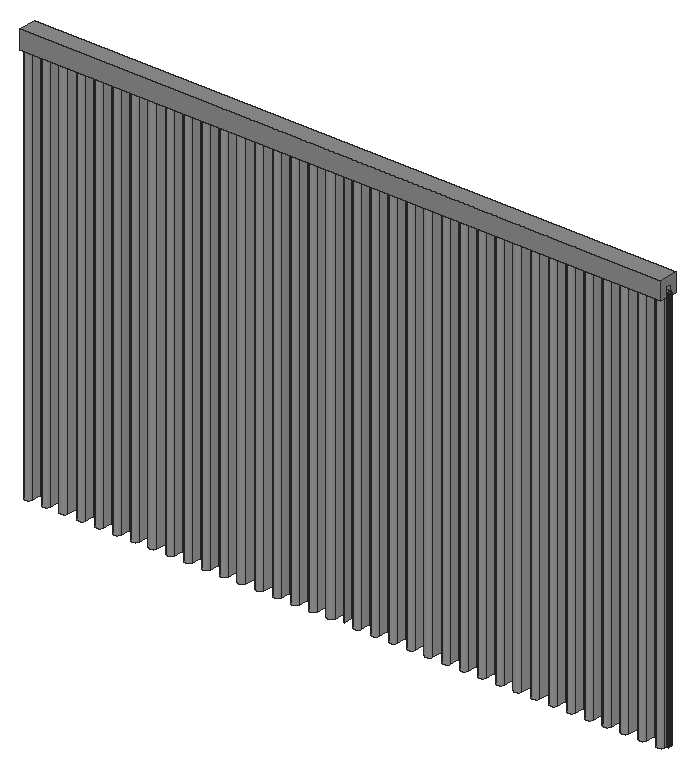
Revit family "Haworth_Pergola_Drapery_Straight", category Furniture Systems, Revit 2018 (continued)
Automatic sketch dimensions
  plane 1 "Center F/B" to Sweep 5 sketch curve = 0.90916"  (x2)
  Sweep 5 sketch curve to plane 1 "Center F/B" = 0.9212"  (x60)
  Sweep 5 sketch curve to Sweep 5 sketch curve = 0.16534"  (x2)
  Sweep 5 sketch curve to plane 1 "Center F/B" = 0.91838"  (x60)
  Sweep 5 sketch curve to Sweep 5 sketch curve = 0.03112"  (x70)
  Sweep 5 sketch curve to Sweep 5 sketch curve = 0.91691"  (x30)
  plane 1 "Center F/B" to Sweep 5 sketch curve = 0.90498"  (x64)
  Sweep 5 sketch curve to Sweep 5 sketch curve = 0.16496"  (x56)
  plane 1 "Center F/B" to Sweep 5 sketch curve = 0.90216"  (x64)
  Sweep 5 sketch curve to Sweep 5 sketch curve = 0.887"  (x32)
  Sweep 5 sketch curve to plane 1 "Center F/B" = 0.90779"  (x8)
  Sweep 5 sketch curve to Sweep 5 sketch curve = 0.16375"  (x8)
  Sweep 5 sketch curve to plane 1 "Center F/B" = 0.90498"  (x8)
  Sweep 5 sketch curve to Sweep 5 sketch curve = 0.91813"  (x4)
  plane 1 "Center F/B" to Sweep 5 sketch curve = 0.90354"  (x4)
  Sweep 5 sketch curve to Sweep 5 sketch curve = 0.16483"  (x4)
  plane 1 "Center F/B" to Sweep 5 sketch curve = 0.90073"  (x4)
  Sweep 5 sketch curve to Sweep 5 sketch curve = 0.88713"  (x2)
  Sweep 5 sketch curve to plane 1 "Center F/B" = 0.92115"  (x2)
  Sweep 5 sketch curve to plane 1 "Center F/B" = 0.91833"  (x2)
  Sweep 5 sketch curve to Sweep 5 sketch curve = 0.91535"  (x2)
  plane 1 "Center F/B" to Sweep 5 sketch curve = 1"
  Sweep 5 sketch curve to Sweep 5 sketch curve = 1.99926"
  Sweep 5 sketch curve to Sweep 5 sketch curve = 0.10248"
  Sweep 5 sketch curve to Sweep 5 sketch curve = 0.91908"
  profile plane to Sweep 5 sketch curve = 0.10999"
  Sweep 5 sketch curve to plane 1 "Center F/B" = 0.83543"  (x30)
  Sweep 5 sketch curve to plane 1 "Center F/B" = 0.82191"  (x4)
  plane 1 "Center F/B" to Sweep 5 sketch curve = 0.82047"  (x2)
  plane 1 "Center F/B" to Sweep 5 sketch curve = 0.82191"  (x32)
  Sweep 6 sketch curve to Sweep 6 sketch curve = 0"  (x121)
  Sweep 6 sketch curve to plane 1 "Center F/B" = 1"  (x2)
  profile plane to Sweep 6 sketch curve = 119.92127"
  Sweep 6 sketch curve to Sweep 6 sketch curve = 1/32"  (x2)
  Sweep 6 sketch curve to Sweep 6 sketch curve = 0.89013"
  plane 1 "Center F/B" to Sweep 6 sketch curve = 0.90635"  (x2)
  Sweep 6 sketch curve to Sweep 6 sketch curve = 0.88651"  (x2)
  plane 1 "Center F/B" to Sweep 6 sketch curve = 0.90916"  (x2)
  Sweep 6 sketch curve to plane 1 "Center F/B" = 0.9212"  (x48)
  Sweep 6 sketch curve to Sweep 6 sketch curve = 0.16534"  (x2)
  Sweep 6 sketch curve to plane 1 "Center F/B" = 0.91838"  (x48)
  Sweep 6 sketch curve to Sweep 6 sketch curve = 0.03112"  (x58)
  Sweep 6 sketch curve to Sweep 6 sketch curve = 0.91691"  (x24)
  plane 1 "Center F/B" to Sweep 6 sketch curve = 0.90498"  (x56)
  Sweep 6 sketch curve to Sweep 6 sketch curve = 0.16496"  (x46)
  plane 1 "Center F/B" to Sweep 6 sketch curve = 0.90216"  (x56)
  Sweep 6 sketch curve to Sweep 6 sketch curve = 0.887"  (x28)
  Sweep 6 sketch curve to plane 1 "Center F/B" = 0.90779"  (x8)
  Sweep 6 sketch curve to Sweep 6 sketch curve = 0.16375"  (x8)
  Sweep 6 sketch curve to plane 1 "Center F/B" = 0.90498"  (x8)
  Sweep 6 sketch curve to Sweep 6 sketch curve = 0.91813"  (x4)
  Sweep 6 sketch curve to plane 1 "Center F/B" = 0.92028"  (x2)
  Sweep 6 sketch curve to Sweep 6 sketch curve = 0.16488"  (x2)
  Sweep 6 sketch curve to plane 1 "Center F/B" = 0.91746"  (x2)
  Sweep 6 sketch curve to Sweep 6 sketch curve = 0.91538"  (x2)
  plane 1 "Center F/B" to Sweep 6 sketch curve = 1"
  Sweep 6 sketch curve to Sweep 6 sketch curve = 1.99939"
  Sweep 6 sketch curve to Sweep 6 sketch curve = 0.10248"
  Sweep 6 sketch curve to Sweep 6 sketch curve = 0.91912"
  profile plane to Sweep 6 sketch curve = 0.10999"
  Sweep 6 sketch curve to plane 1 "Center F/B" = 0.83543"  (x24)
  Sweep 6 sketch curve to plane 1 "Center F/B" = 0.82191"  (x4)
  plane 1 "Center F/B" to Sweep 6 sketch curve = 0.82191"  (x28)
  Sweep 7 sketch curve to Sweep 7 sketch curve = 0"  (x96)
  plane 1 "Center F/B" to Sweep 7 sketch curve = 1"
  profile plane to Sweep 7 sketch curve = 95.94876"
  Sweep 7 sketch curve to Sweep 7 sketch curve = 1/32"  (x2)
  Sweep 7 sketch curve to Sweep 7 sketch curve = 0.91929"
  Sweep 7 sketch curve to plane 1 "Center F/B" = 0.91383"
  Sweep 7 sketch curve to Sweep 7 sketch curve = 0.91555"
  Sweep 7 sketch curve to plane 1 "Center F/B" = 0.91665"
  plane 1 "Center F/B" to Sweep 7 sketch curve = 0.90497"  (x18)
  Sweep 7 sketch curve to Sweep 7 sketch curve = 0.16455"
  plane 1 "Center F/B" to Sweep 7 sketch curve = 0.90215"  (x17)
  Sweep 7 sketch curve to Sweep 7 sketch curve = 0.03112"  (x47)
  Sweep 7 sketch curve to Sweep 7 sketch curve = 0.887"  (x23)
  plane 1 "Center F/B" to Sweep 7 sketch curve = 0.90216"  (x29)
  Sweep 7 sketch curve to plane 1 "Center F/B" = 0.90779"  (x13)
  Sweep 7 sketch curve to Sweep 7 sketch curve = 0.16375"  (x22)
  Sweep 7 sketch curve to plane 1 "Center F/B" = 0.90497"  (x18)
  Sweep 7 sketch curve to Sweep 7 sketch curve = 0.91813"  (x11)
  Sweep 7 sketch curve to plane 1 "Center F/B" = 0.90778"  (x9)
  plane 1 "Center F/B" to Sweep 7 sketch curve = 0.90498"  (x28)
  Sweep 7 sketch curve to plane 1 "Center F/B" = 0.9212"  (x24)
  Sweep 7 sketch curve to Sweep 7 sketch curve = 0.16496"  (x23)
  Sweep 7 sketch curve to plane 1 "Center F/B" = 0.91838"  (x24)
  Sweep 7 sketch curve to Sweep 7 sketch curve = 0.91691"  (x12)
  Sweep 7 sketch curve to plane 1 "Center F/B" = 0.90498"  (x4)
  Sweep 7 sketch curve to Sweep 7 sketch curve = 0.16534"
  plane 1 "Center F/B" to Sweep 7 sketch curve = 0.90635"
  Sweep 7 sketch curve to Sweep 7 sketch curve = 0.88651"
  profile plane to Sweep 7 sketch curve = 0.10999"
  Sweep 7 sketch curve to plane 1 "Center F/B" = 1"
  Sweep 7 sketch curve to plane 1 "Center F/B" = 0.83543"  (x12)
  Sweep 7 sketch curve to plane 1 "Center F/B" = 0.82191"  (x2)
  Sweep 7 sketch curve to plane 1 "Center F/B" = 0.8219"  (x9)
  plane 1 "Center F/B" to Sweep 7 sketch curve = 0.8219"  (x8)
  plane 1 "Center F/B" to Sweep 7 sketch curve = 0.82191"  (x15)
  Sweep 8 sketch curve to Sweep 8 sketch curve = 0"  (x72)
  plane 1 "Center F/B" to Sweep 8 sketch curve = 1"
  profile plane to Sweep 8 sketch curve = 71.94876"
  Sweep 8 sketch curve to Sweep 8 sketch curve = 1/32"  (x2)
  Sweep 8 sketch curve to Sweep 8 sketch curve = 0.91952"
  Sweep 8 sketch curve to plane 1 "Center F/B" = 0.90871"
  Sweep 8 sketch curve to Sweep 8 sketch curve = 0.91578"
  Sweep 8 sketch curve to plane 1 "Center F/B" = 0.91153"
  plane 1 "Center F/B" to Sweep 8 sketch curve = 0.90497"  (x6)
  Sweep 8 sketch curve to Sweep 8 sketch curve = 0.16409"
  plane 1 "Center F/B" to Sweep 8 sketch curve = 0.90215"  (x6)
  Sweep 8 sketch curve to Sweep 8 sketch curve = 0.03112"  (x35)
  Sweep 8 sketch curve to Sweep 8 sketch curve = 0.887"  (x17)
  Sweep 8 sketch curve to plane 1 "Center F/B" = 0.90779"  (x7)
  Sweep 8 sketch curve to Sweep 8 sketch curve = 0.16375"  (x10)
  Sweep 8 sketch curve to plane 1 "Center F/B" = 0.90497"  (x6)
  Sweep 8 sketch curve to Sweep 8 sketch curve = 0.91813"  (x5)
  Sweep 8 sketch curve to plane 1 "Center F/B" = 0.90778"  (x3)
  plane 1 "Center F/B" to Sweep 8 sketch curve = 0.90498"  (x28)
  plane 1 "Center F/B" to Sweep 8 sketch curve = 0.90216"  (x28)
  Sweep 8 sketch curve to plane 1 "Center F/B" = 0.9212"  (x24)
  Sweep 8 sketch curve to Sweep 8 sketch curve = 0.16496"  (x23)
  Sweep 8 sketch curve to plane 1 "Center F/B" = 0.91838"  (x24)
  Sweep 8 sketch curve to Sweep 8 sketch curve = 0.91691"  (x12)
  Sweep 8 sketch curve to plane 1 "Center F/B" = 0.90498"  (x4)
  Sweep 8 sketch curve to Sweep 8 sketch curve = 0.16534"
  plane 1 "Center F/B" to Sweep 8 sketch curve = 0.90635"
  Sweep 8 sketch curve to Sweep 8 sketch curve = 0.88651"
  profile plane to Sweep 8 sketch curve = 0.10999"
  Sweep 8 sketch curve to plane 1 "Center F/B" = 1"
  Sweep 8 sketch curve to plane 1 "Center F/B" = 0.83543"  (x12)
  Sweep 8 sketch curve to plane 1 "Center F/B" = 0.82191"  (x2)
  Sweep 8 sketch curve to plane 1 "Center F/B" = 0.8219"  (x3)
  plane 1 "Center F/B" to Sweep 8 sketch curve = 0.8219"  (x3)
  plane 1 "Center F/B" to Sweep 8 sketch curve = 0.82191"  (x14)
  Sweep 9 sketch curve to Sweep 9 sketch curve = 0"  (x49)
  profile plane to Sweep 9 sketch curve = 1"
  profile plane to Sweep 9 sketch curve = 47.94876"
  Sweep 9 sketch curve to Sweep 9 sketch curve = 1/32"  (x2)
  Sweep 9 sketch curve to Sweep 9 sketch curve = 0.91929"
  Sweep 9 sketch curve to profile plane = 0.9138"
  Sweep 9 sketch curve to Sweep 9 sketch curve = 0.91555"
  profile plane to Sweep 9 sketch curve = 0.90498"  (x22)
  Sweep 9 sketch curve to Sweep 9 sketch curve = 0.16455"
  profile plane to Sweep 9 sketch curve = 0.90216"  (x22)
  Sweep 9 sketch curve to Sweep 9 sketch curve = 0.03112"  (x23)
  Sweep 9 sketch curve to Sweep 9 sketch curve = 0.887"  (x11)
  Sweep 9 sketch curve to profile plane = 0.9212"  (x18)
  Sweep 9 sketch curve to Sweep 9 sketch curve = 0.16496"  (x17)
  Sweep 9 sketch curve to profile plane = 0.91838"  (x18)
  Sweep 9 sketch curve to Sweep 9 sketch curve = 0.91691"  (x9)
  Sweep 9 sketch curve to profile plane = 0.90779"  (x4)
  Sweep 9 sketch curve to Sweep 9 sketch curve = 0.16375"  (x4)
  Sweep 9 sketch curve to profile plane = 0.90498"  (x4)
  Sweep 9 sketch curve to Sweep 9 sketch curve = 0.91813"  (x2)
  Sweep 9 sketch curve to Sweep 9 sketch curve = 0.16534"
  profile plane to Sweep 9 sketch curve = 0.90635"
  Sweep 9 sketch curve to Sweep 9 sketch curve = 0.88651"
  profile plane to Sweep 9 sketch curve = 0.10999"
  Sweep 9 sketch curve to profile plane = 1"
  Sweep 9 sketch curve to profile plane = 0.83543"  (x9)
  Sweep 9 sketch curve to profile plane = 0.82191"  (x2)
  profile plane to Sweep 9 sketch curve = 0.82191"  (x11)
  Sweep 9 sketch curve to profile plane = 0.91662"
  Sweep 10 sketch curve to plane 7 "Top" = 0"
  plane 8 "Left" to Sweep 10 sketch curve = 0"
  level to Sweep 10 sketch curve = 1/2"
  Sweep 10 sketch curve to Sweep 10 sketch curve = 0"  (x60)
  profile plane to Sweep 10 sketch curve = 1"
  profile plane to Sweep 10 sketch curve = 59.94876"
  Sweep 10 sketch curve to Sweep 10 sketch curve = 1/32"
  Sweep 10 sketch curve to Sweep 10 sketch curve = 0.91912"
  Sweep 10 sketch curve to profile plane = 0.91746"
  Sweep 10 sketch curve to Sweep 10 sketch curve = 0.91538"
  Sweep 10 sketch curve to profile plane = 0.92028"
  profile plane to Sweep 10 sketch curve = 0.90498"  (x28)
  Sweep 10 sketch curve to Sweep 10 sketch curve = 0.16488"
  profile plane to Sweep 10 sketch curve = 0.90216"  (x28)
  Sweep 10 sketch curve to Sweep 10 sketch curve = 0.03112"  (x29)
  Sweep 10 sketch curve to Sweep 10 sketch curve = 0.887"  (x14)
  Sweep 10 sketch curve to profile plane = 0.9212"  (x24)
  Sweep 10 sketch curve to Sweep 10 sketch curve = 0.16496"  (x23)
  Sweep 10 sketch curve to profile plane = 0.91838"  (x24)
  Sweep 10 sketch curve to Sweep 10 sketch curve = 0.91691"  (x12)
  Sweep 10 sketch curve to profile plane = 0.90779"  (x4)
  Sweep 10 sketch curve to Sweep 10 sketch curve = 0.16375"  (x4)
  Sweep 10 sketch curve to profile plane = 0.90498"  (x4)
  Sweep 10 sketch curve to Sweep 10 sketch curve = 0.91813"  (x2)
  profile plane to Sweep 10 sketch curve = 0.90916"
  Sweep 10 sketch curve to Sweep 10 sketch curve = 0.16534"
  profile plane to Sweep 10 sketch curve = 0.90635"
  Sweep 10 sketch curve to Sweep 10 sketch curve = 0.88651"
  profile plane to Sweep 10 sketch curve = 0.10999"
  Sweep 10 sketch curve to profile plane = 1"
  Sweep 10 sketch curve to profile plane = 0.83543"  (x12)
  Sweep 10 sketch curve to profile plane = 0.82191"  (x2)
  profile plane to Sweep 10 sketch curve = 0.82191"  (x14)
  Sweep 11 sketch curve to plane 7 "Top" = 0"
  plane 8 "Left" to Sweep 11 sketch curve = 0"
  level to Sweep 11 sketch curve = 1/2"
  Sweep 11 sketch curve to Sweep 11 sketch curve = 0"  (x36)
  Sweep 11 sketch curve to plane 15 = 0"
  Sweep 11 sketch curve to plane 16 = 0"
  plane 15 to Sweep 11 sketch curve = 1/32"
  plane 15 to Sweep 11 sketch curve = 0.06625"
  Sweep 11 sketch curve to Sweep 11 sketch curve = 0.03112"  (x19)
  Sweep 11 sketch curve to Sweep 11 sketch curve = 0.91691"  (x8)
  Sweep 11 sketch curve to profile plane = 0.91838"  (x13)
  Sweep 11 sketch curve to profile plane = 0.9212"  (x13)
  profile plane to Sweep 11 sketch curve = 0.90498"  (x16)
  Sweep 11 sketch curve to Sweep 11 sketch curve = 0.16496"  (x12)
  profile plane to Sweep 11 sketch curve = 0.90216"  (x16)
  Sweep 11 sketch curve to Sweep 11 sketch curve = 0.887"  (x8)
  Sweep 11 sketch curve to profile plane = 0.90779"  (x4)
  Sweep 11 sketch curve to Sweep 11 sketch curve = 0.16375"  (x4)
  Sweep 11 sketch curve to profile plane = 0.90498"  (x4)
  Sweep 11 sketch curve to Sweep 11 sketch curve = 0.91813"  (x2)
  profile plane to Sweep 11 sketch curve = 0.90916"
  Sweep 11 sketch curve to Sweep 11 sketch curve = 0.16534"
  profile plane to Sweep 11 sketch curve = 0.90635"
  profile plane to Sweep 11 sketch curve = 0.82614"
  Sweep 11 sketch curve to profile plane = 1"
  Sweep 11 sketch curve to profile plane = 0.83543"  (x7)
  Sweep 11 sketch curve to profile plane = 0.82191"  (x2)
  Sweep 11 sketch curve to profile plane = 0.18891"
  Sweep 11 sketch curve to Sweep 11 sketch curve = 0.00141"
  profile plane to Sweep 11 sketch curve = 0.82191"  (x8)
  profile plane to Sweep 11 sketch curve = 1"
  Sweep 12 sketch curve to plane 7 "Top" = 0"
  plane 8 "Left" to Sweep 12 sketch curve = 0"
  level to Sweep 12 sketch curve = 1/2"
  Sweep 12 sketch curve to Sweep 12 sketch curve = 0"  (x26)
  Sweep 12 sketch curve to plane 13 = 0"
  Sweep 12 sketch curve to plane 14 = 0"
  Sweep 12 sketch curve to Sweep 12 sketch curve = 1/32"
  plane 13 to Sweep 12 sketch curve = 0.06625"
  Sweep 12 sketch curve to Sweep 12 sketch curve = 0.03112"  (x13)
  Sweep 12 sketch curve to Sweep 12 sketch curve = 0.91691"  (x5)
  Sweep 12 sketch curve to profile plane = 0.91838"  (x7)
  Sweep 12 sketch curve to profile plane = 0.9212"  (x7)
  profile plane to Sweep 12 sketch curve = 0.90498"  (x10)
  Sweep 12 sketch curve to Sweep 12 sketch curve = 0.16496"  (x6)
  profile plane to Sweep 12 sketch curve = 0.90216"  (x10)
  Sweep 12 sketch curve to Sweep 12 sketch curve = 0.887"  (x5)
  Sweep 12 sketch curve to profile plane = 0.90779"  (x4)
  Sweep 12 sketch curve to Sweep 12 sketch curve = 0.16375"  (x4)
  Sweep 12 sketch curve to profile plane = 0.90498"  (x4)
  Sweep 12 sketch curve to Sweep 12 sketch curve = 0.91813"  (x2)
  profile plane to Sweep 12 sketch curve = 0.90916"
  Sweep 12 sketch curve to Sweep 12 sketch curve = 0.16534"
  profile plane to Sweep 12 sketch curve = 0.82614"
  Sweep 12 sketch curve to plane 14 = 1/32"
  Sweep 12 sketch curve to profile plane = 1"
  Sweep 12 sketch curve to profile plane = 0.83543"  (x4)
  Sweep 12 sketch curve to profile plane = 0.82191"  (x2)
  profile plane to Sweep 12 sketch curve = 0.82191"  (x5)
  profile plane to Sweep 12 sketch curve = 1"
  Sweep 12 sketch curve to profile plane = 0.18891"
  Sweep 12 sketch curve to Sweep 12 sketch curve = 0.00141"
  Sweep 13 sketch curve to plane 6 "Right" = 24"
  Sweep 13 sketch curve to plane 7 "Top" = 0"
  level to Sweep 13 sketch curve = 1/2"
  Sweep 13 sketch curve to Sweep 13 sketch curve = 0"  (x26)
  Sweep 13 sketch curve to plane 19 = 0"
  Sweep 13 sketch curve to plane 18 = 0"
  Sweep 13 sketch curve to plane 19 = 1/32"
  Sweep 13 sketch curve to Sweep 13 sketch curve = 0.89013"
  profile plane to Sweep 13 sketch curve = 0.90635"
  Sweep 13 sketch curve to Sweep 13 sketch curve = 0.88651"
  profile plane to Sweep 13 sketch curve = 0.90916"
  Sweep 13 sketch curve to Sweep 13 sketch curve = 0.16534"
  Sweep 13 sketch curve to profile plane = 0.91838"  (x7)
  Sweep 13 sketch curve to Sweep 13 sketch curve = 0.03112"  (x13)
  Sweep 13 sketch curve to Sweep 13 sketch curve = 0.91691"  (x4)
  Sweep 13 sketch curve to profile plane = 0.9212"  (x5)
  profile plane to Sweep 13 sketch curve = 0.90498"  (x10)
  Sweep 13 sketch curve to Sweep 13 sketch curve = 0.16496"  (x6)
  profile plane to Sweep 13 sketch curve = 0.90216"  (x10)
  Sweep 13 sketch curve to Sweep 13 sketch curve = 0.887"  (x5)
  Sweep 13 sketch curve to profile plane = 0.90779"  (x4)
  Sweep 13 sketch curve to Sweep 13 sketch curve = 0.16375"  (x4)
  Sweep 13 sketch curve to profile plane = 0.90498"  (x4)
  Sweep 13 sketch curve to Sweep 13 sketch curve = 0.91813"  (x2)
  plane 18 to Sweep 13 sketch curve = 0.09737"
  Sweep 13 sketch curve to Sweep 13 sketch curve = 1/32"
  Sweep 13 sketch curve to profile plane = 1"
  Sweep 13 sketch curve to Sweep 13 sketch curve = 0.00282"
  Sweep 13 sketch curve to profile plane = 0.83543"  (x4)
  Sweep 13 sketch curve to profile plane = 0.82191"  (x2)
  profile plane to Sweep 13 sketch curve = 0.82191"  (x5)
  profile plane to Sweep 13 sketch curve = 1"
  Sweep 13 sketch curve to profile plane = 0.18891"
  Sweep 13 sketch curve to Sweep 13 sketch curve = 0.00141"
  Sweep 14 sketch curve to plane 6 "Right" = 0"
  Sweep 14 sketch curve to plane 7 "Top" = 0"
  level to Sweep 14 sketch curve = 1/2"
  Sweep 14 sketch curve to Sweep 14 sketch curve = 0"  (x36)
  Sweep 14 sketch curve to plane 21 = 0"
  Sweep 14 sketch curve to plane 20 = 0"
  Sweep 14 sketch curve to plane 21 = 1/32"
  Sweep 14 sketch curve to Sweep 14 sketch curve = 0.89013"
  profile plane to Sweep 14 sketch curve = 0.90635"
  Sweep 14 sketch curve to Sweep 14 sketch curve = 0.88651"
  profile plane to Sweep 14 sketch curve = 0.90916"
  Sweep 14 sketch curve to Sweep 14 sketch curve = 0.16534"
  Sweep 14 sketch curve to profile plane = 0.91838"  (x13)
  Sweep 14 sketch curve to Sweep 14 sketch curve = 0.03112"  (x19)
  Sweep 14 sketch curve to Sweep 14 sketch curve = 0.91691"  (x7)
  Sweep 14 sketch curve to profile plane = 0.9212"  (x11)
  profile plane to Sweep 14 sketch curve = 0.90498"  (x16)
  Sweep 14 sketch curve to Sweep 14 sketch curve = 0.16496"  (x12)
  profile plane to Sweep 14 sketch curve = 0.90216"  (x16)
  Sweep 14 sketch curve to Sweep 14 sketch curve = 0.887"  (x8)
  Sweep 14 sketch curve to profile plane = 0.90779"  (x4)
  Sweep 14 sketch curve to Sweep 14 sketch curve = 0.16375"  (x4)
  Sweep 14 sketch curve to profile plane = 0.90498"  (x4)
  Sweep 14 sketch curve to Sweep 14 sketch curve = 0.91813"  (x2)
  plane 20 to Sweep 14 sketch curve = 0.09737"
  plane 20 to Sweep 14 sketch curve = 1/32"
  Sweep 14 sketch curve to profile plane = 1"
  Sweep 14 sketch curve to Sweep 14 sketch curve = 0.00282"
  Sweep 14 sketch curve to profile plane = 0.83543"  (x7)
  Sweep 14 sketch curve to profile plane = 0.82191"  (x2)
  Sweep 14 sketch curve to profile plane = 0.18891"
  Sweep 14 sketch curve to Sweep 14 sketch curve = 0.00141"
  profile plane to Sweep 14 sketch curve = 0.82191"  (x8)
  profile plane to Sweep 14 sketch curve = 1"
  radius of Extrusion 1 sketch curve = 0.23622"
Nested families (in)
  nested 1: "Haworth_Pergola_Panel_TopRail_Straight" at (-58, 0, 0.5), visible <- "Top Rail", type "Top Rail - 48w"
    with Width 144", Actual Width 144"
Definition of nested family "Haworth_Pergola_Panel_TopRail_Straight"
  Parameters (values of type "Top Rail - 120w")
    Width = 120"
    Warranty = "http://www.haworth.com/resources/product-info/warranties"
    URL - Product = ""
    URL = "http://www.haworth.com"
    Trim Finish = none
    Sustainability Info = "http://www.haworth.com/company-info/sustainablility"
    Standard Width = "48,  72, 96, 120, and 144 in."  # constant formula
    Model = "Haworth Pergola"  # constant formula
    Description = "Haworth - Pergola Panel - Top Rail"  # constant formula
    Actual Depth = 4"  # constant formula
    Size = "Verify Final Dim. w/ Haworth"  # constant formula
    Revision Number = "1"  # constant formula
    Min. Width = 48"  # constant formula
    Max. Width = 144"  # constant formula
    Min. Height = 4"  # constant formula
    Max. Height = 4"  # constant formula
    Manufacturer = "Haworth"  # constant formula
    Author = "Haworth (Bentzen)"  # constant formula
    Assembly Code = "E2020200"
    Actual Width = if(Width < Min. Width, Min. Width, if(Width > Max. Width, Max. Width, Width))  # 120"
    Actual Height = 4 25/128"  # constant formula
  Types (5): name | Width | Actual Width
    Top Rail - 48w | 48" | 48"
    Top Rail - 72w | 72" | 72"
    Top Rail - 96w | 96" | 96"
    Top Rail - 120w | 120" | 120"
    Top Rail - 144w | 144" | 144"
  Reference planes (in)
    plane 1 "Center F/B": y = 0
    plane 2 "Bottom": z = 0
    plane 3 "Center L/R": x = 59.5
    plane 4 "Back": y = 2
    plane 5 "Front": y = -2
    plane 6 "Right": x = 119.5
    plane 7 "Top": z = 95.5
    plane 8 "Left": x = -0.5
    plane 9 "Underbeam Height": z = 91.30469
    plane 10: y = 0.59915
    plane 11: y = -0.59915
    plane 12: z = 93.54331
  Forms (in)
    Extrusion 1, solid, material <- "Trim Finish"
      sketch origin (59.5, 0, 0) x (0, 1, 0) y (0, 0, 1)
        loop
          line (2, 95.5) -> (-2, 95.5) -> (-2, 91.30469) -> (-0.59915, 91.30469) -> (-0.59915, 93.54331) -> (0.59915, 93.54331) -> (0.59915, 91.30469) -> (2, 91.30469) -> (2, 95.5)
      from -60 to 60
  Lines and regions (in)
    Masking region 1
      outline origin (0, 0, 0) x (1, 0, 0) y (0, 1, 0)
        loop
          line (-0.5, 2) -> (-0.5, -2) -> (119.5, -2) -> (119.5, 2) -> (-0.5, 2)
  Dimensions and locks (in)
    plane 9 "Underbeam Height" to plane 2 "Bottom" = 91 39/128"
    equal spacing: plane 8 "Left", plane 3 "Center L/R", plane 6 "Right"
    "Actual Width": plane 8 "Left" to plane 6 "Right"
    equal spacing: plane 4 "Back", plane 1 "Center F/B", plane 5 "Front"
    "Actual Depth": plane 4 "Back" to plane 5 "Front"
    "Actual Height": plane 7 "Top" to plane 9 "Underbeam Height"
    aligned and locked: level to plane 2 "Bottom"
    aligned and locked: plane 8 "Left" to Extrusion 1
    aligned and locked: plane 6 "Right" to Extrusion 1
    aligned and locked: Extrusion 1 to plane 12
    aligned and locked: Extrusion 1 to plane 11
    aligned and locked: plane 10 to Extrusion 1
    aligned and locked: Extrusion 1 to plane 9 "Underbeam Height"  (x2)
    aligned and locked: plane 4 "Back" to Extrusion 1
    aligned and locked: Extrusion 1 to plane 5 "Front"
    aligned and locked: plane 8 "Left" to Masking region 1
    aligned and locked: Masking region 1 to plane 4 "Back"
    aligned and locked: Masking region 1 to plane 5 "Front"
    aligned and locked: plane 6 "Right" to Masking region 1
    aligned and locked: plane 7 "Top" to Extrusion 1
  Automatic sketch dimensions
    Extrusion 1 sketch curve to plane 5 "Front" = 0"
    Extrusion 1 sketch curve to plane 9 "Underbeam Height" = 0"  (x2)
    plane 4 "Back" to Extrusion 1 sketch curve = 0"
    plane 7 "Top" to Extrusion 1 sketch curve = 0"
    plane 9 "Underbeam Height" to Extrusion 1 sketch curve = 2.23863"
    Extrusion 1 sketch curve to plane 1 "Center F/B" = 0.59915"
    plane 1 "Center F/B" to Extrusion 1 sketch curve = 0.59915"
    Masking region 1 sketch curve to plane 8 "Left" = 0"
    plane 6 "Right" to Masking region 1 sketch curve = 0"
    Masking region 1 sketch curve to plane 5 "Front" = 0"
    plane 4 "Back" to Masking region 1 sketch curve = 0"
Types (10): name | Width | Top Drapery Offset | Slat Count | Half Open Drapery | Curtain Finish | Closed Drapery | Actual Width | 96in Wide Drapery | 72in Wide Drapery | 48in Wide Drapery | 36in Wide Drapery - Right | 36in Wide Drapery - Left | 24in Wide Drapery - Right | 24in Wide Drapery - Left | 144in Wide Drapery | 120in Wide Drapery
  144w - Half Open Drapery | 144" | 0" | 18 | yes | Haworth _ Fabric _ Undecided _ Pergola | no | 144" | no | no | no | yes | yes | no | no | no | no
  72w - Half Open Drapery | 72" | 1/2" | 9 | yes | Haworth _ Paint _ Undecided _ Pergola | no | 72" | no | no | no | no | yes | no | no | no | no
  48w - Half Open Drapery | 48" | 1/2" | 6 | yes | Haworth _ Paint _ Undecided _ Pergola | no | 48" | no | no | no | no | no | no | yes | no | no
  96w - Half Open Drapery | 96" | 1/2" | 12 | yes | Haworth _ Paint _ Undecided _ Pergola | no | 96" | no | no | yes | no | no | no | no | no | no
  120w - Half Open Drapery | 120" | 1/2" | 15 | yes | Haworth _ Paint _ Undecided _ Pergola | no | 120" | no | no | no | no | no | yes | yes | no | no
  120w - Closed Drapery | 120" | 1/2" | 15 | no | Haworth _ Paint _ Undecided _ Pergola | yes | 120" | no | no | no | no | no | no | no | no | yes
  144w - Closed Drapery | 144" | 1/2" | 18 | no | Haworth _ Fabric _ Undecided _ Pergola | yes | 144" | no | no | no | no | no | no | no | yes | no
  48w - Closed Drapery | 48" | 1/2" | 6 | no | Haworth _ Paint _ Undecided _ Pergola | yes | 48" | no | no | yes | no | no | no | no | no | no
  72w - Closed Drapery | 72" | 1/2" | 9 | no | Haworth _ Paint _ Undecided _ Pergola | yes | 72" | no | yes | no | no | no | no | no | no | no
  96w - Closed Drapery | 96" | 1/2" | 12 | no | Haworth _ Paint _ Undecided _ Pergola | yes | 96" | yes | no | no | no | no | no | no | no | no
